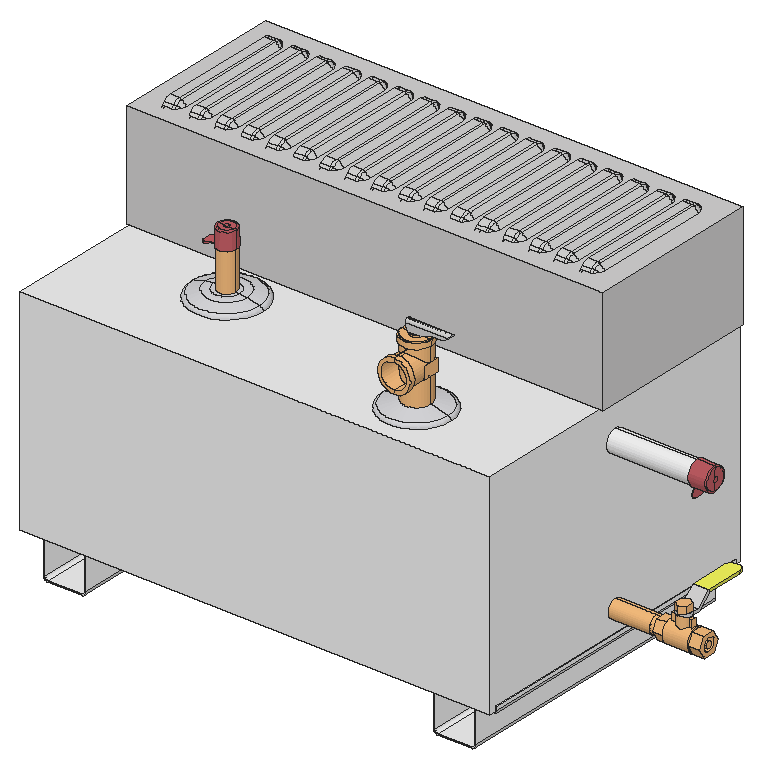
Revit family "Shower-Steam_Generator-KOHLER-Invigoration_Series-K-32329", category Plumbing Fixtures, host Face, Revit 2021 (continued)
Definition of nested family "K-32329"
  Lines and regions (in)
    Masking region 2
      outline origin (0, 0, 0) x (1, 0, 0) y (0, 0, 1)
        loop
          line (-8.96806, 4.8215) -> (-8.84613, 4.94343) -> (-8.84613, 5.37969) -> (-9.04298, 5.37969) -> (-9.04298, 5.68322)
          arc (-9.04298, 5.68322) -> (-9.02345, 5.78138) -> (-8.96785, 5.8646) r 0.25651
          line (-8.96785, 5.8646) -> (-8.84591, 5.98653) -> (-8.84591, 6.42279) -> (-9.04276, 6.42279) -> (-9.04276, 6.72632)
          arc (-9.04276, 6.72632) -> (-9.02324, 6.82448) -> (-8.96764, 6.90769) r 0.25651
          line (-8.96764, 6.90769) -> (-8.8457, 7.02963) -> (-8.8457, 7.46589) -> (-9.04255, 7.46589) -> (-9.04255, 7.76941)
          arc (-9.04255, 7.76941) -> (-9.02303, 7.86758) -> (-8.96742, 7.95079) r 0.25651
          line (-8.96742, 7.95079) -> (-8.84549, 8.07273) -> (-8.84549, 8.46199)
          arc (-8.84549, 8.46199) -> (-8.85054, 8.49091) -> (-8.85927, 8.51894) r 0.22767
          line (-8.85927, 8.51894) -> (-8.89475, 8.61134)
          arc (-8.89475, 8.61134) -> (-8.90291, 8.64358) -> (-8.90566, 8.67672) r 0.20122
          line (-8.90566, 8.67672) -> (-8.90566, 9.03915) -> (-8.90566, 9.33683) -> (-8.86622, 9.33683) -> (-8.86622, 9.48819)
          arc (-8.86622, 9.48819) -> (-8.84316, 9.54387) -> (-8.78748, 9.56693) r 0.07874
          arc (-8.78748, 9.56693) -> (-8.84316, 9.58999) -> (-8.86622, 9.64567) r 0.07874
          line (-8.86622, 9.64567) -> (-8.86622, 12.79703) -> (-8.90551, 12.79703) -> (-8.90551, 12.69562) -> (-8.9685, 12.69562) -> (-8.9685, 12.79013) -> (-9.22256, 12.79013) -> (-9.22256, 12.94788) -> (-8.9685, 12.94788) -> (-8.9685, 13.47515)
          arc (-8.9685, 13.47515) -> (-8.95005, 13.51969) -> (-8.90551, 13.53937) r 0.06299
          line (-8.90551, 13.53937) -> (-8.1811, 13.53937) -> (-8.1811, 13.73509) -> (-7.83239, 13.73509)
          arc (-7.83239, 13.73509) -> (-7.78719, 13.7261) -> (-7.74887, 13.7005) r 0.11811
          line (-7.74887, 13.7005) -> (-7.58775, 13.53937) -> (-7.19291, 13.53937) -> (-7.19291, 13.73509) -> (-6.8442, 13.73509)
          arc (-6.8442, 13.73509) -> (-6.799, 13.7261) -> (-6.76068, 13.7005) r 0.11811
          line (-6.76068, 13.7005) -> (-6.59956, 13.53937) -> (-6.21088, 13.53937) -> (-6.21088, 13.73509) -> (-5.86216, 13.73509)
          arc (-5.86216, 13.73509) -> (-5.81697, 13.7261) -> (-5.77865, 13.7005) r 0.11811
          line (-5.77865, 13.7005) -> (-5.61752, 13.53937) -> (-5.22576, 13.53937) -> (-5.22576, 13.73509) -> (-4.87705, 13.73509)
          arc (-4.87705, 13.73509) -> (-4.83185, 13.7261) -> (-4.79353, 13.7005) r 0.11811
          line (-4.79353, 13.7005) -> (-4.63241, 13.53937) -> (-4.24373, 13.53937) -> (-4.24373, 13.73509) -> (-3.89501, 13.73509)
          arc (-3.89501, 13.73509) -> (-3.84981, 13.7261) -> (-3.8115, 13.7005) r 0.11811
          line (-3.8115, 13.7005) -> (-3.65037, 13.53937) -> (-3.25554, 13.53937) -> (-3.25554, 13.73509) -> (-2.90682, 13.73509)
          arc (-2.90682, 13.73509) -> (-2.86163, 13.7261) -> (-2.82331, 13.7005) r 0.11811
          line (-2.82331, 13.7005) -> (-2.66218, 13.53937) -> (-2.27196, 13.53937) -> (-2.27196, 13.73509) -> (-1.92325, 13.73509)
          arc (-1.92325, 13.73509) -> (-1.87805, 13.7261) -> (-1.83973, 13.7005) r 0.11811
          line (-1.83973, 13.7005) -> (-1.6786, 13.53937) -> (-1.2849, 13.53937) -> (-1.2849, 13.73509) -> (-0.93619, 13.73509)
          arc (-0.93619, 13.73509) -> (-0.89099, 13.7261) -> (-0.85268, 13.7005) r 0.11811
          line (-0.85268, 13.7005) -> (-0.69155, 13.53937) -> (-0.30527, 13.53937) -> (-0.30527, 13.73509) -> (0.04345, 13.73509)
          arc (0.04345, 13.73509) -> (0.08864, 13.7261) -> (0.12696, 13.7005) r 0.11811
          line (0.12696, 13.7005) -> (0.28809, 13.53937) -> (0.68102, 13.53937) -> (0.68102, 13.73509) -> (1.02973, 13.73509)
          arc (1.02973, 13.73509) -> (1.07493, 13.7261) -> (1.11325, 13.7005) r 0.11811
          line (1.11325, 13.7005) -> (1.27438, 13.53937) -> (1.665, 13.53937) -> (1.665, 13.73509) -> (2.01372, 13.73509)
          arc (2.01372, 13.73509) -> (2.05891, 13.7261) -> (2.09723, 13.7005) r 0.11811
          line (2.09723, 13.7005) -> (2.25836, 13.53937) -> (2.64975, 13.53937) -> (2.64975, 13.73509) -> (2.99847, 13.73509)
          arc (2.99847, 13.73509) -> (3.04366, 13.7261) -> (3.08198, 13.7005) r 0.11811
          line (3.08198, 13.7005) -> (3.24311, 13.53937) -> (3.63374, 13.53937) -> (3.63374, 13.73509) -> (3.98245, 13.73509)
          arc (3.98245, 13.73509) -> (4.02765, 13.7261) -> (4.06596, 13.7005) r 0.11811
          line (4.06596, 13.7005) -> (4.22709, 13.53937) -> (4.61849, 13.53937) -> (4.61849, 13.73509) -> (4.9672, 13.73509)
          arc (4.9672, 13.73509) -> (5.0124, 13.7261) -> (5.05071, 13.7005) r 0.11811
          line (5.05071, 13.7005) -> (5.21184, 13.53937) -> (5.60324, 13.53937) -> (5.60324, 13.73509) -> (5.95195, 13.73509)
          arc (5.95195, 13.73509) -> (5.99715, 13.7261) -> (6.03546, 13.7005) r 0.11811
          line (6.03546, 13.7005) -> (6.19659, 13.53937) -> (6.58568, 13.53937) -> (6.58568, 13.73509) -> (6.93439, 13.73509)
          arc (6.93439, 13.73509) -> (6.97959, 13.7261) -> (7.01791, 13.7005) r 0.11811
          line (7.01791, 13.7005) -> (7.17904, 13.53937) -> (7.5712, 13.53937) -> (7.5712, 13.73509) -> (7.91991, 13.73509)
          arc (7.91991, 13.73509) -> (7.96511, 13.7261) -> (8.00343, 13.7005) r 0.11811
          line (8.00343, 13.7005) -> (8.16455, 13.53937) -> (8.90551, 13.53937)
          arc (8.90551, 13.53937) -> (8.95005, 13.52092) -> (8.9685, 13.47638) r 0.06299
          line (8.9685, 13.47638) -> (8.9685, 12.69562) -> (8.86614, 12.69562) -> (8.86614, 9.64567)
          arc (8.86614, 9.64567) -> (8.84308, 9.58999) -> (8.7874, 9.56693) r 0.07874
          arc (8.7874, 9.56693) -> (8.84308, 9.54387) -> (8.86614, 9.48819) r 0.07874
          line (8.86614, 9.48819) -> (8.86614, 9.33662) -> (8.90551, 9.33662) -> (8.90551, 8.63656) -> (11.91339, 8.63656) -> (11.9685, 8.63469) -> (11.9685, 8.67413) -> (12.59586, 8.65222)
          arc (12.59586, 8.65222) -> (12.62281, 8.64022) -> (12.63386, 8.61287) r 0.03937
          line (12.63386, 8.61287) -> (12.63386, 8.22441) -> (12.63386, 7.83595)
          arc (12.63386, 7.83595) -> (12.62281, 7.8086) -> (12.59586, 7.7966) r 0.03937
          line (12.59586, 7.7966) -> (12.00244, 7.77588) -> (12.00244, 7.4267) -> (11.9685, 7.4267) -> (11.9685, 7.77469) -> (11.9685, 7.81412) -> (11.91339, 7.81225) -> (8.86614, 7.81225) -> (8.86614, 2.89247) -> (10.43701, 2.89247) -> (10.61381, 2.88699) -> (10.61381, 2.9401) -> (10.98905, 2.9401) -> (10.98905, 2.98291) -> (11.08211, 2.98204) -> (11.08211, 3.25783) -> (11.20932, 3.25783) -> (11.20932, 3.30684) -> (11.15807, 3.30684) -> (11.15807, 3.40685) -> (11.15807, 3.8346) -> (11.75843, 3.8346) -> (11.75843, 3.40685) -> (11.75843, 3.30684) -> (11.70719, 3.30684) -> (11.70719, 3.25783) -> (11.8344, 3.25783) -> (11.8344, 2.98204) -> (11.92745, 2.98291) -> (11.92745, 2.9401) -> (12.39272, 2.9401) -> (12.39272, 2.55906) -> (12.39272, 2.17801) -> (11.92745, 2.17801) -> (11.92745, 2.13128) -> (10.98905, 2.13128) -> (10.98905, 2.176) -> (10.61353, 2.176) -> (10.61353, 2.22922) -> (10.43701, 2.22318) -> (8.86614, 2.22318) -> (8.86614, 1.54208)
          arc (8.86614, 1.54208) -> (8.87773, 1.55597) -> (8.88189, 1.57357) r 0.03937
          line (8.88189, 1.57357) -> (8.88189, 1.73105) -> (8.92126, 1.73105) -> (8.92126, 1.57357)
          arc (8.92126, 1.57357) -> (8.8982, 1.5179) -> (8.84252, 1.49483) r 0.07874
          line (8.84252, 1.49483) -> (8.24803, 1.49483)
          arc (8.24803, 1.49483) -> (8.16451, 1.46024) -> (8.12992, 1.37672) r 0.11811
          line (8.12992, 1.37672) -> (8.12992, 0.15748)
          arc (8.12992, 0.15748) -> (8.0838, 0.04612) -> (7.97244, 0) r 0.15748
          line (7.97244, 0) -> (6.70472, 0)
          arc (6.70472, 0) -> (6.59337, 0.04612) -> (6.54724, 0.15748) r 0.15748
          line (6.54724, 0.15748) -> (6.54724, 1.37672)
          arc (6.54724, 1.37672) -> (6.51265, 1.46024) -> (6.42913, 1.49483) r 0.11811
          line (6.42913, 1.49483) -> (6.0748, 1.49483) -> (6.0748, 1.5342) -> (-6.0748, 1.5342) -> (-6.0748, 1.49483) -> (-6.42913, 1.49483)
          arc (-6.42913, 1.49483) -> (-6.51265, 1.46024) -> (-6.54724, 1.37672) r 0.11811
          line (-6.54724, 1.37672) -> (-6.54724, 0.15748)
          arc (-6.54724, 0.15748) -> (-6.59337, 0.04612) -> (-6.70472, 0) r 0.15748
          line (-6.70472, 0) -> (-7.97244, 0)
          arc (-7.97244, 0) -> (-8.0838, 0.04612) -> (-8.12992, 0.15748) r 0.15748
          line (-8.12992, 0.15748) -> (-8.12992, 1.37672)
          arc (-8.12992, 1.37672) -> (-8.16451, 1.46024) -> (-8.24803, 1.49483) r 0.11811
          line (-8.24803, 1.49483) -> (-8.84252, 1.49483)
          arc (-8.84252, 1.49483) -> (-8.8982, 1.5179) -> (-8.92126, 1.57357) r 0.07874
          line (-8.92126, 1.57357) -> (-8.92126, 1.73105) -> (-8.88189, 1.73105) -> (-8.88189, 1.57357)
          arc (-8.88189, 1.57357) -> (-8.87036, 1.54573) -> (-8.84252, 1.5342) r 0.03937
        loop
          line (8.24803, 1.5342) -> (6.42913, 1.5342)
          arc (6.42913, 1.5342) -> (6.54049, 1.48808) -> (6.58661, 1.37672) r 0.15748
          line (6.58661, 1.37672) -> (6.58661, 0.15625)
          arc (6.58661, 0.15625) -> (6.62121, 0.07273) -> (6.70472, 0.03814) r 0.11811
          line (6.70472, 0.03814) -> (7.97244, 0.03814)
          arc (7.97244, 0.03814) -> (8.05596, 0.07273) -> (8.09055, 0.15625) r 0.11811
          line (8.09055, 0.15625) -> (8.09055, 1.37672)
          arc (8.09055, 1.37672) -> (8.13668, 1.48808) -> (8.24803, 1.5342) r 0.15748
        loop
          arc (-8.24803, 1.5342) -> (-8.13668, 1.48808) -> (-8.09055, 1.37672) r 0.15748
          line (-8.09055, 1.37672) -> (-8.09055, 0.15625)
          arc (-8.09055, 0.15625) -> (-8.05596, 0.07273) -> (-7.97244, 0.03814) r 0.11811
          line (-7.97244, 0.03814) -> (-6.70472, 0.03814)
          arc (-6.70472, 0.03814) -> (-6.62121, 0.07273) -> (-6.58661, 0.15625) r 0.11811
          line (-6.58661, 0.15625) -> (-6.58661, 1.37672)
          arc (-6.58661, 1.37672) -> (-6.54049, 1.48808) -> (-6.42913, 1.5342) r 0.15748
          line (-6.42913, 1.5342) -> (-8.24803, 1.5342)
    Masking region 3
      outline origin (0, 0, 0) x (1, 0, 0) y (0, 1, 0)
        loop
          line (-8.9685, 5.86811) -> (-8.9685, 5.75009) -> (-9.22301, 5.75009) -> (-9.22301, 5.59248) -> (-8.9685, 5.59248) -> (-8.9685, 5.11323)
          arc (-8.9685, 5.11323) -> (-9.02383, 5.03327) -> (-9.04331, 4.93801) r 0.2426
          line (-9.04331, 4.93801) -> (-9.04331, 3.13637)
          arc (-9.04331, 3.13637) -> (-9.02379, 3.04283) -> (-8.9685, 2.9649) r 0.23393
          line (-8.9685, 2.9649) -> (-8.9685, -0.70669) -> (-8.92126, -0.70669) -> (-8.92126, -2.93435) -> (-8.97074, -2.98383)
          arc (-8.97074, -2.98383) -> (-9.02445, -3.06421) -> (-9.04331, -3.15903) r 0.24776
          line (-9.04331, -3.15903) -> (-9.04331, -4.95923)
          arc (-9.04331, -4.95923) -> (-9.02533, -5.04963) -> (-8.97412, -5.12626) r 0.23622
          line (-8.97412, -5.12626) -> (-8.92126, -5.17912) -> (-8.92126, -5.63974) -> (-8.86618, -5.63974) -> (-8.86618, -5.86811) -> (8.92126, -5.86811) -> (8.92126, -0.70667) -> (8.9685, -0.70667) -> (8.9685, -0.42325) -> (10.61417, -0.42325) -> (10.61417, -0.45402) -> (10.98889, -0.45402) -> (10.98889, -0.42325) -> (11.96844, -0.42325) -> (11.96844, -0.45992) -> (12.59586, -0.43801)
          arc (12.59586, -0.43801) -> (12.62281, -0.42601) -> (12.63386, -0.39866) r 0.03937
          line (12.63386, -0.39866) -> (12.63386, -0.00984) -> (12.63386, 0.37898)
          arc (12.63386, 0.37898) -> (12.62281, 0.40633) -> (12.59586, 0.41832) r 0.03937
          line (12.59586, 0.41832) -> (11.96844, 0.44023) -> (11.96844, 0.40357) -> (11.758, 0.40357) -> (11.758, 2.23515)
          arc (11.758, 2.23515) -> (11.45813, 2.53502) -> (11.15826, 2.23515) r 0.29987
          line (11.15826, 2.23515) -> (11.15826, 0.40357) -> (10.98889, 0.40357) -> (10.98889, 0.43433) -> (10.61417, 0.43433) -> (10.61417, 0.40357) -> (8.9685, 0.40357) -> (8.9685, 5.86811) -> (-8.9685, 5.86811)
    symbolic lines, detail levels medium+fine
      curve 1: line (0, -3.92137, 12.11615) -> (0, -3.95316, 12.11615)
      curve 2: line (0, -3.92137, 12.11615) -> (0, -3.92137, 12.38217)
      curve 3: line (0, -4.09019, 12.11615) -> (0, -4.09019, 12.38217)
      curve 4: line (0, -3.95316, 12.11615) -> (0, -4.0584, 12.11615)
      curve 5: line (0, -3.95316, 12.11615) -> (0, -3.95316, 12.23592)
      curve 6: line (0, -4.0584, 12.11615) -> (0, -4.0584, 12.23592)
      curve 7: line (0, -4.0584, 12.11615) -> (0, -4.09019, 12.11615)
      curve 8: arc (0, -3.93239, 12.33255) -> (0, -4.00578, 12.38027) -> (0, -4.07918, 12.33255) r 0.0803
      curve 9: arc (0, -4.0584, 12.23592) -> (0, -4.04859, 12.28858) -> (0, -4.07918, 12.33255) r 0.06945
      curve 10: arc (0, -3.95316, 12.23592) -> (0, -3.96297, 12.28857) -> (0, -3.93239, 12.33255) r 0.06945
      curve 11: line (0, 5.62992, 1.53543) -> (0, -5.63976, 1.53543)
      curve 12: line (0, 5.62992, 1.49483) -> (0, -5.63976, 1.49483)
      curve 13: arc (0, 5.76971, 12.86885) -> (0, 5.67128, 12.77042) -> (0, 5.57286, 12.86885) r 0.09843
      curve 14: arc (0, 5.57286, 12.86885) -> (0, 5.67128, 12.96727) -> (0, 5.76971, 12.86885) r 0.09843
      curve 15: arc (0, 5.75002, 12.86885) -> (0, 5.67128, 12.94759) -> (0, 5.59254, 12.86885) r 0.07874
      curve 16: arc (0, 5.59254, 12.86885) -> (0, 5.67128, 12.79011) -> (0, 5.75002, 12.86885) r 0.07874
      curve 17: line (0, -5.26279, 9.56693) -> (0, -1.04434, 9.56693)
      curve 18: arc (0, -2.85366, 9.70264) -> (0, -3.00272, 9.74952) -> (0, -3.1535, 9.79048) r 3.96332
      curve 19: arc (0, -2.74899, 9.56693) -> (0, -2.78073, 9.65067) -> (0, -2.85366, 9.70264) r 0.15416
      curve 20: line (0, -4.53708, 9.85827) -> (0, -3.47464, 9.85768)
      curve 21: line (0, -5.16334, 9.69925) -> (0, -2.85366, 9.70264)
      curve 22: line (0, -2.67757, 9.86102) -> (0, -2.00784, 9.86102)
      curve 23: line (0, -1.11089, 9.68361) -> (0, -2.85366, 9.70264)
      curve 24: line (0, -3.69162, 11.29819) -> (0, -4.32094, 11.29819)
      curve 25: line (0, -4.32094, 11.29819) -> (0, -4.32094, 10.84562)
      curve 26: line (0, -4.32094, 10.84562) -> (0, -3.69162, 10.84562)
      curve 27: line (0, -3.69162, 10.84562) -> (0, -3.69162, 11.29819)
      curve 28: arc (0, -4.53708, 11.67202) -> (0, -4.36978, 11.52003) -> (0, -4.19106, 11.38167) r 2.87177
      curve 29: arc (0, -4.19106, 11.38167) -> (0, -4.10275, 11.33089) -> (0, -4.00628, 11.29819) r 0.52302
      curve 30: arc (0, -4.53708, 10.5327) -> (0, -4.41963, 10.63853) -> (0, -4.299, 10.74071) r 5.1795
      curve 31: arc (0, -4.299, 10.74071) -> (0, -4.2257, 10.79617) -> (0, -4.14821, 10.84562) r 1.15289
      curve 32: line (0, -4.87186, 11.67202) -> (0, -4.87186, 10.5327)
      curve 33: line (0, -4.53708, 11.84909) -> (0, -3.47464, 11.84909)
      curve 34: line (0, -4.53743, 12.04594) -> (0, -3.47428, 12.04594)
      curve 35: line (0, -4.24209, 12.0854) -> (0, -3.76962, 12.0854)
      curve 36: line (0, -4.12396, 12.11615) -> (0, -4.09019, 12.11615)
      curve 37: line (0, -3.92137, 12.11615) -> (0, -3.88776, 12.11615)
      curve 38: arc (0, -4.09019, 12.38217) -> (0, -4.00578, 12.46658) -> (0, -3.92137, 12.38217) r 0.08441
      curve 39: line (0, -2.67757, 11.31999) -> (0, -2.00784, 11.31999)
      curve 40: line (0, -2.6932, 11.94186) -> (0, -1.99221, 11.94186)
      curve 41: line (0, -0.27308, 3.65714) -> (0, 0.25261, 3.65714)
      curve 42: line (0, 0.25261, 3.65714) -> (0, 0.25261, 3.40693)
      curve 43: line (0, 0.25261, 3.40693) -> (0, 0.30593, 3.40693)
      curve 44: line (0, 0.30593, 3.40693) -> (0, 0.80959, 3.83434)
      curve 45: line (0, 0.80959, 3.83434) -> (0, 2.53801, 3.83434)
      curve 46: line (0, 2.53801, 3.83434) -> (0, 2.53801, 3.73467)
      curve 47: line (0, 2.53801, 3.73467) -> (0, 0.84662, 3.73467)
      curve 48: line (0, 0.84662, 3.73467) -> (0, 0.34247, 3.30685)
      curve 49: line (0, 0.23874, 3.30685) -> (0, 0.34247, 3.30685)
      curve 50: line (0, 0.23874, 3.30685) -> (0, 0.23874, 2.899)
      curve 51: arc (0, 0.17718, 2.93638) -> (0, -0.00984, 2.98019) -> (0, -0.19686, 2.93638) r 0.42113
      curve 52: line (0, -0.22769, 2.93638) -> (0, -0.24311, 2.90969)
      curve 53: line (0, -0.44554, 2.55906) -> (0, -0.43013, 2.53236)
      curve 54: line (0, -0.22769, 2.18173) -> (0, -0.19686, 2.18173)
      curve 55: line (0, 0.20801, 2.18173) -> (0, 0.22342, 2.20843)
      curve 56: line (0, 0.42586, 2.55906) -> (0, 0.41044, 2.58575)
      curve 57: line (0, 0.20801, 2.93638) -> (0, 0.17718, 2.93638)
      curve 58: line (0, 0.17718, 2.93638) -> (0, -0.19686, 2.93638)
      curve 59: line (0, 0.22342, 2.90969) -> (0, 0.20801, 2.93638)
      curve 60: line (0, 0.41044, 2.58575) -> (0, 0.22342, 2.90969)
      curve 61: arc (0, 0.41044, 2.58575) -> (0, 0.35487, 2.76962) -> (0, 0.22342, 2.90969) r 0.42113
      curve 62: line (0, 0.41044, 2.53236) -> (0, 0.42586, 2.55906)
      curve 63: line (0, 0.22342, 2.20843) -> (0, 0.41044, 2.53236)
      curve 64: arc (0, 0.22342, 2.20843) -> (0, 0.31935, 2.29641) -> (0, 0.38384, 2.40948) r 0.42113
      curve 65: line (0, 0.17718, 2.18173) -> (0, 0.20801, 2.18173)
      curve 66: line (0, -0.19686, 2.18173) -> (0, 0.17718, 2.18173)
      curve 67: arc (0, -0.19686, 2.18173) -> (0, -0.00984, 2.13792) -> (0, 0.17718, 2.18173) r 0.42113
      curve 68: line (0, -0.24311, 2.20843) -> (0, -0.22769, 2.18173)
      curve 69: line (0, -0.43013, 2.53236) -> (0, -0.24311, 2.20843)
      curve 70: arc (0, -0.43013, 2.53236) -> (0, -0.42144, 2.46992) -> (0, -0.40352, 2.40948) r 0.42113
      curve 71: line (0, -0.43013, 2.58575) -> (0, -0.44554, 2.55906)
      curve 72: line (0, -0.24311, 2.90969) -> (0, -0.43013, 2.58575)
      curve 73: arc (0, -0.24311, 2.90969) -> (0, -0.37456, 2.76962) -> (0, -0.43013, 2.58575) r 0.42113
      curve 74: line (0, -0.19686, 2.93638) -> (0, -0.22769, 2.93638)
      curve 75: circle (0, -0.00984, 2.55906) r 0.29715 normal (1, 0, 0)
      curve 76: circle (0, -0.00984, 2.55906) r 0.25074 normal (1, 0, 0)
      curve 77: line (0, -0.40352, 1.73105) -> (0, -0.40352, 2.40948)
      curve 78: arc (0, -0.40352, 2.40948) -> (0, -0.33904, 2.29641) -> (0, -0.24311, 2.20843) r 0.42113
      curve 79: line (0, 0.38384, 1.73105) -> (0, 0.38384, 2.40948)
      curve 80: arc (0, 0.38384, 2.40948) -> (0, 0.40175, 2.46992) -> (0, 0.41044, 2.53236) r 0.42113
      curve 81: line (0, -5.63976, 1.73105) -> (0, -5.63976, 1.53543)
      curve 82: line (0, -5.63976, 1.73105) -> (0, 5.62992, 1.73105)
      curve 83: line (0, 5.62992, 1.73105) -> (0, 5.62992, 1.53543)
      curve 84: circle (0, 2.57772, 10.82159) r 0.86614 normal (1, 0, 0)
      curve 85: line (0, -0.50195, 9.33662) -> (0, -5.86811, 9.33662)
      curve 86: line (0, -0.50195, 9.33662) -> (0, -0.50195, 7.99498)
      curve 87: arc (0, 0.48231, 7.99498) -> (0, 0.41647, 7.74908) -> (0, 0.23657, 7.56898) r 0.49213
      curve 88: line (0, 0.48231, 7.99498) -> (0, 0.48231, 9.33662)
      curve 89: line (0, 5.86811, 9.33662) -> (0, 0.48231, 9.33662)
      curve 90: circle (0, -0.00984, 8.22441) r 0.44757 normal (1, 0, 0)
      curve 91: circle (0, -0.00984, 8.22441) r 0.38747 normal (1, 0, 0)
      curve 92: arc (0, -0.25651, 7.56915) -> (0, -0.43619, 7.74923) -> (0, -0.50195, 7.99498) r 0.49213
      curve 93: line (0, -0.00984, 7.42676) -> (0, -0.11094, 7.42676)
      curve 94: line (0, -0.00984, 7.42676) -> (0, 0.09126, 7.42676)
      curve 95: arc (0, -0.11094, 7.42676) -> (0, -0.21276, 7.46828) -> (0, -0.25651, 7.56915) r 0.14561
      curve 96: arc (0, 0.09126, 7.42676) -> (0, 0.19292, 7.46823) -> (0, 0.23657, 7.56898) r 0.14535
      curve 97: line (0, -0.16101, 7.80315) -> (0, -0.16101, 7.72243)
      curve 98: arc (0, -0.25651, 7.56915) -> (0, -0.25203, 7.62152) -> (0, -0.22808, 7.6683) r 0.13645
      curve 99: arc (0, -0.22808, 7.6683) -> (0, -0.1976, 7.69915) -> (0, -0.16101, 7.72243) r 0.19323
      curve 100: arc (0, 0.23683, 7.56915) -> (0, 0.23234, 7.62152) -> (0, 0.20839, 7.6683) r 0.13645
      curve 101: arc (0, 0.20839, 7.6683) -> (0, 0.17792, 7.69915) -> (0, 0.14133, 7.72243) r 0.19323
      curve 102: line (0, -0.16432, 7.64845) -> (0, 0.14383, 7.64845)
      curve 103: line (0, 0.14383, 7.60112) -> (0, -0.16432, 7.60112)
      curve 104: arc (0, -0.16432, 7.60112) -> (0, -0.18798, 7.62479) -> (0, -0.16432, 7.64845) r 0.02366
      curve 105: arc (0, 0.14383, 7.64845) -> (0, 0.16749, 7.62479) -> (0, 0.14383, 7.60112) r 0.02366
      curve 106: line (0, -0.16432, 7.55776) -> (0, 0.14383, 7.55776)
      curve 107: line (0, 0.14383, 7.51044) -> (0, -0.16432, 7.51044)
      curve 108: arc (0, -0.16432, 7.51044) -> (0, -0.18798, 7.5341) -> (0, -0.16432, 7.55776) r 0.02366
      curve 109: arc (0, 0.14383, 7.55776) -> (0, 0.16749, 7.5341) -> (0, 0.14383, 7.51044) r 0.02366
      curve 110: arc (0, 5.43309, 9.05389) -> (0, 5.50199, 9.12279) -> (0, 5.57089, 9.05389) r 0.0689
      curve 111: arc (0, 5.57089, 9.05389) -> (0, 5.50199, 8.98499) -> (0, 5.43309, 9.05389) r 0.0689
      curve 112: arc (0, 5.60042, 9.05389) -> (0, 5.50199, 9.15231) -> (0, 5.40357, 9.05389) r 0.09843
      curve 113: arc (0, 5.40357, 9.05389) -> (0, 5.50199, 8.95546) -> (0, 5.60042, 9.05389) r 0.09843
      curve 114: arc (0, -5.42321, 9.05389) -> (0, -5.52163, 9.15231) -> (0, -5.62006, 9.05389) r 0.09843
      curve 115: arc (0, -5.62006, 9.05389) -> (0, -5.52163, 8.95546) -> (0, -5.42321, 9.05389) r 0.09843
      curve 116: arc (0, -5.59053, 9.05389) -> (0, -5.52163, 8.98499) -> (0, -5.45273, 9.05389) r 0.0689
      curve 117: arc (0, -5.45273, 9.05389) -> (0, -5.52163, 9.12279) -> (0, -5.59053, 9.05389) r 0.0689
      curve 118: line (0, -0.27308, 3.65714) -> (0, -0.27308, 3.40693)
      curve 119: line (0, -0.2592, 3.30685) -> (0, -0.2592, 2.89843)
      curve 120: line (0, -0.27308, 3.40693) -> (0, -0.22793, 3.40693)
      curve 121: line (0, -0.22793, 3.40693) -> (0, -0.22793, 3.30685)
      curve 122: line (0, -0.2592, 3.30685) -> (0, -0.22793, 3.30685)
      curve 123: line (0, -0.22793, 3.40693) -> (0, 0.25261, 3.40693)
      curve 124: line (0, -0.22793, 3.30685) -> (0, 0.23874, 3.30685)
      curve 125: line (0, 2.23618, 3.83434) -> (0, 2.23618, 3.73467)
      curve 126: line (0, -0.59307, 9.56693) -> (0, 5.86811, 9.56693)
      curve 127: line (0, -0.64368, 9.62869) -> (0, 5.86811, 9.62869)
      curve 128: line (11.9685, 0, 7.77469) -> (12.00244, 0, 7.77588)
      curve 129: line (11.9685, 0, 8.63469) -> (11.9685, 0, 7.81412)
      curve 130: line (11.15807, 0, 3.40685) -> (11.22757, 0, 3.40685)
      curve 131: line (11.75843, 0, 3.40685) -> (11.6886, 0, 3.40685)
      curve 132: line (11.22757, 0, 3.65737) -> (11.6886, 0, 3.65737)
      curve 133: line (11.22757, 0, 3.40685) -> (11.22757, 0, 3.65737)
      curve 134: line (11.6886, 0, 3.40685) -> (11.22757, 0, 3.40685)
      curve 135: line (11.6886, 0, 3.65737) -> (11.6886, 0, 3.40685)
      curve 136: line (11.46365, 0, 3.65737) -> (11.46365, 0, 3.40685)
      curve 137: line (11.20932, 0, 3.30684) -> (11.70719, 0, 3.30684)
      curve 138: line (11.70719, 0, 3.25783) -> (11.67429, 0, 3.25783)
      curve 139: line (11.67429, 0, 3.25783) -> (11.67429, 0, 2.9521)
      curve 140: line (11.20932, 0, 3.25783) -> (11.24222, 0, 3.25783)
      curve 141: line (11.24222, 0, 3.25783) -> (11.24222, 0, 2.96143)
      curve 142: arc (11.24222, 0, 2.96143) -> (11.45687, 0, 2.89256) -> (11.67429, 0, 2.9521) r 0.39565
      curve 143: line (11.24222, 0, 2.96143) -> (11.08211, 0, 2.98204)
      curve 144: line (11.67429, 0, 2.9521) -> (11.8344, 0, 2.98204)
      curve 145: line (6.42913, 0, 1.5342) -> (6.0748, 0, 1.5342)
      curve 146: line (8.24803, 0, 1.5342) -> (8.84646, 0, 1.5342)
      curve 147: line (-6.42913, 0, 1.5342) -> (-6.0748, 0, 1.5342)
      curve 148: line (-8.24803, 0, 1.5342) -> (-8.84676, 0, 1.5342)
      curve 149: line (-8.1811, 0, 13.53937) -> (-7.58775, 0, 13.53937)
      curve 150: line (-7.19291, 0, 13.53937) -> (-6.59956, 0, 13.53937)
      curve 151: line (-6.21088, 0, 13.53937) -> (-5.61752, 0, 13.53937)
      curve 152: line (-5.22576, 0, 13.53937) -> (-4.63241, 0, 13.53937)
      curve 153: line (-4.24373, 0, 13.53937) -> (-3.65037, 0, 13.53937)
      curve 154: line (-3.25554, 0, 13.53937) -> (-2.66218, 0, 13.53937)
      curve 155: line (-2.27196, 0, 13.53937) -> (-1.6786, 0, 13.53937)
      curve 156: line (-1.2849, 0, 13.53937) -> (-0.69155, 0, 13.53937)
      curve 157: line (-0.30527, 0, 13.53937) -> (0.28809, 0, 13.53937)
      curve 158: line (0.68102, 0, 13.53937) -> (1.27438, 0, 13.53937)
      curve 159: line (1.665, 0, 13.53937) -> (2.25836, 0, 13.53937)
      curve 160: line (2.64975, 0, 13.53937) -> (3.24311, 0, 13.53937)
      curve 161: line (3.63374, 0, 13.53937) -> (4.22709, 0, 13.53937)
      curve 162: line (4.61849, 0, 13.53937) -> (5.21184, 0, 13.53937)
      curve 163: line (5.60324, 0, 13.53937) -> (6.19659, 0, 13.53937)
      curve 164: line (6.58568, 0, 13.53937) -> (7.17904, 0, 13.53937)
      curve 165: line (7.5712, 0, 13.53937) -> (8.16455, 0, 13.53937)
      curve 166: arc (-5.17077, 0, 9.6993) -> (-4.8561, 0, 9.79049) -> (-4.53546, 0, 9.8577) r 4.34168
      curve 167: line (-4.24321, 0, 9.86206) -> (-4.45119, 0, 9.86206)
      curve 168: line (-8.9685, 0, 12.94788) -> (-8.9685, 0, 12.79013)
      curve 169: line (-8.90551, 0, 12.79703) -> (-8.90551, 0, 13.47515)
      curve 170: line (8.7874, 0, 13.47515) -> (-8.90551, 0, 13.47515)
      curve 171: line (8.7874, 0, 9.56693) -> (-8.37711, 0, 9.56693)
      curve 172: line (8.90551, 0, 8.63656) -> (8.86614, 0, 8.53069)
      curve 173: line (8.86614, 0, 9.33662) -> (8.86614, 0, 8.66907)
      curve 174: arc (8.85862, 0, 8.6276) -> (8.86425, 0, 8.648) -> (8.86614, 0, 8.66907) r 0.11811
      curve 175: line (8.85862, 0, 8.6276) -> (8.81711, 0, 8.5169)
      curve 176: arc (8.80855, 0, 8.48302) -> (8.81189, 0, 8.5002) -> (8.81711, 0, 8.5169) r 0.15748
      curve 177: line (8.86614, 0, 8.66907) -> (8.7874, 0, 8.66907)
      curve 178: line (8.7874, 0, 9.56693) -> (8.7874, 0, 8.66907)
      curve 179: line (8.7874, 0, 9.56693) -> (8.7874, 0, 13.47515)
      curve 180: arc (3.39933, 0, 9.70265) -> (3.70837, 0, 9.79387) -> (4.02405, 0, 9.85852) r 3.79209
      curve 181: arc (4.02405, 0, 9.85852) -> (4.03943, 0, 9.86037) -> (4.05491, 0, 9.86098) r 0.19356
      curve 182: line (4.05491, 0, 9.86098) -> (4.05491, 0, 10.80096)
      curve 183: arc (4.05491, 0, 10.80096) -> (4.04103, 0, 10.82211) -> (4.02965, 0, 10.84471) r 0.22212
      curve 184: arc (4.02965, 0, 10.84471) -> (3.98858, 0, 10.9708) -> (3.972, 0, 11.10236) r 0.70082
      curve 185: arc (3.972, 0, 11.10236) -> (3.99001, 0, 11.25524) -> (4.05182, 0, 11.39622) r 0.5222
      curve 186: line (4.05182, 0, 11.39622) -> (4.05495, 0, 11.84899)
      curve 187: line (4.05495, 0, 11.84899) -> (4.01148, 0, 11.84899)
      curve 188: line (4.01148, 0, 11.84899) -> (4.01148, 0, 12.04585)
      curve 189: line (4.01148, 0, 12.04585) -> (4.05501, 0, 12.04585)
      curve 190: line (4.05501, 0, 12.04585) -> (4.05501, 0, 12.08544)
      curve 191: line (4.05501, 0, 12.08544) -> (4.34625, 0, 12.08544)
      curve 192: line (4.34625, 0, 12.08544) -> (4.34625, 0, 12.11619)
      curve 193: line (4.26758, 0, 12.49885) -> (4.29264, 0, 12.24879)
      curve 194: arc (4.29264, 0, 12.24879) -> (4.30995, 0, 12.17865) -> (4.34625, 0, 12.11619) r 0.25492
      curve 195: line (5.11349, 0, 9.86098) -> (5.11349, 0, 10.80096)
      curve 196: arc (5.11349, 0, 10.80096) -> (5.12737, 0, 10.82211) -> (5.13875, 0, 10.84471) r 0.22212
      curve 197: arc (5.13875, 0, 10.84471) -> (5.17982, 0, 10.9708) -> (5.1964, 0, 11.10236) r 0.70082
      curve 198: arc (5.1964, 0, 11.10236) -> (5.17839, 0, 11.25524) -> (5.11658, 0, 11.39622) r 0.5222
      curve 199: line (5.11658, 0, 11.39622) -> (5.11345, 0, 11.84899)
      curve 200: line (5.11345, 0, 11.84899) -> (5.15692, 0, 11.84899)
      curve 201: line (5.15692, 0, 11.84899) -> (5.15692, 0, 12.04585)
      curve 202: line (5.15692, 0, 12.04585) -> (5.11339, 0, 12.04585)
      curve 203: line (5.11339, 0, 12.04585) -> (5.11339, 0, 12.08544)
      curve 204: line (5.11339, 0, 12.08544) -> (4.8506, 0, 12.08544)
      curve 205: line (4.8506, 0, 12.08544) -> (4.8506, 0, 12.11619)
      curve 206: arc (4.8506, 0, 12.11619) -> (5.00044, 0, 12.17857) -> (5.15692, 0, 12.22167) r 1.29184
      curve 207: arc (5.15692, 0, 12.22167) -> (5.34784, 0, 12.25166) -> (5.54081, 0, 12.26241) r 1.93032
      curve 208: arc (5.54081, 0, 12.26241) -> (5.71076, 0, 12.29322) -> (5.86005, 0, 12.38009) r 0.49939
      curve 209: arc (5.86005, 0, 12.38009) -> (5.90913, 0, 12.43402) -> (5.9425, 0, 12.49885) r 0.27795
      curve 210: line (4.26758, 0, 12.49885) -> (5.9425, 0, 12.49885)
      curve 211: line (5.86005, 0, 12.38009) -> (4.27948, 0, 12.38009)
      curve 212: circle (4.58235, 0, 12.28254) r 0.04971 normal (0, -1, 0)
      curve 213: arc (4.11094, 0, 11.30424) -> (4.07079, 0, 11.10236) -> (4.11094, 0, 10.90049) r 0.52764
      curve 214: line (4.05491, 0, 9.86098) -> (5.11349, 0, 9.86098)
      curve 215: arc (5.11349, 0, 9.86098) -> (5.42779, 0, 9.78892) -> (5.73251, 0, 9.68348) r 2.99461
      curve 216: arc (5.73251, 0, 9.68348) -> (5.75977, 0, 9.66788) -> (5.78197, 0, 9.64567) r 0.11852
      curve 217: arc (3.29004, 0, 9.56693) -> (3.32505, 0, 9.6506) -> (3.39933, 0, 9.70265) r 0.16314
      curve 218: line (3.39933, 0, 9.70265) -> (5.73251, 0, 9.68348)
      curve 219: arc (4.05182, 0, 11.39622) -> (4.5842, 0, 11.71727) -> (5.11658, 0, 11.39622) r 0.60193
      curve 220: arc (4.05491, 0, 10.80096) -> (4.5842, 0, 10.48652) -> (5.11349, 0, 10.80096) r 0.6027
      curve 221: line (4.11094, 0, 11.30424) -> (4.11094, 0, 10.90049)
      curve 222: arc (4.11094, 0, 10.90049) -> (4.59843, 0, 10.57473) -> (5.08591, 0, 10.90049) r 0.52764
      curve 223: line (5.08591, 0, 11.30424) -> (5.08591, 0, 10.90049)
      curve 224: arc (5.08591, 0, 11.30424) -> (4.59843, 0, 11.63) -> (4.11094, 0, 11.30424) r 0.52764
      curve 225: arc (5.08591, 0, 10.90049) -> (5.12606, 0, 11.10236) -> (5.08591, 0, 11.30424) r 0.52764
      curve 226: arc (-4.53546, 0, 9.8577) -> (-4.49345, 0, 9.86235) -> (-4.45119, 0, 9.86206) r 0.36109
      curve 227: arc (-5.27694, 0, 9.56693) -> (-5.26799, 0, 9.60546) -> (-5.24964, 0, 9.6405) r 0.15602
      curve 228: line (-4.24321, 0, 9.86206) -> (-4.24321, 0, 11.31952)
      curve 229: line (-4.24321, 0, 11.31952) -> (-4.6619, 0, 11.31952)
      curve 230: line (-4.6619, 0, 11.31952) -> (-4.6619, 0, 11.35025)
      curve 231: line (-4.6619, 0, 11.35025) -> (-4.27772, 0, 11.35025)
      curve 232: line (-4.27772, 0, 11.35025) -> (-4.25687, 0, 11.94739)
      curve 233: line (-4.21753, 0, 11.98538) -> (-3.60664, 0, 11.98538)
      curve 234: arc (-4.25687, 0, 11.94739) -> (-4.24487, 0, 11.97433) -> (-4.21753, 0, 11.98538) r 0.03937
      curve 235: line (-3.58096, 0, 9.86206) -> (-3.58096, 0, 11.31952)
      curve 236: line (-3.54537, 0, 11.31952) -> (-3.56729, 0, 11.94739)
      curve 237: arc (-3.56729, 0, 11.94739) -> (-3.57929, 0, 11.97433) -> (-3.60664, 0, 11.98538) r 0.03937
      curve 238: line (-3.58096, 0, 9.86206) -> (-3.52593, 0, 9.86206)
      curve 239: arc (-3.47369, 0, 9.85716) -> (-3.15409, 0, 9.78884) -> (-2.84055, 0, 9.69662) r 4.33084
      curve 240: arc (-3.52593, 0, 9.86206) -> (-3.4997, 0, 9.86083) -> (-3.47369, 0, 9.85716) r 0.28048
      curve 241: arc (-2.84055, 0, 9.69662) -> (-2.80018, 0, 9.67475) -> (-2.7696, 0, 9.6405) r 0.13357
      curve 242: line (-5.17077, 0, 9.6993) -> (-2.84055, 0, 9.69662)
      curve 243: line (-4.24321, 0, 9.86206) -> (-3.58096, 0, 9.86206)
      curve 244: line (-4.24321, 0, 11.31952) -> (-3.54537, 0, 11.31952)
      curve 245: line (-4.25687, 0, 11.94739) -> (-3.56729, 0, 11.94739)
      curve 246: line (-4.27772, 0, 11.35025) -> (-4.24321, 0, 11.35025)
      curve 247: line (-4.24321, 0, 11.31952) -> (-4.24321, 0, 11.35025)
      curve 248: line (-4.24321, 0, 11.35025) -> (-4.21192, 0, 11.94739)
      curve 249: arc (-4.21192, 0, 11.94739) -> (-4.20452, 0, 11.96981) -> (-4.18676, 0, 11.98538) r 0.04489
      curve 250: arc (8.38583, 0, 2.26255) -> (8.2874, 0, 2.16412) -> (8.18898, 0, 2.26255) r 0.09843
      curve 251: arc (8.18898, 0, 2.26255) -> (8.2874, 0, 2.36097) -> (8.38583, 0, 2.26255) r 0.09843
      curve 252: arc (8.3563, 0, 2.26255) -> (8.2874, 0, 2.19365) -> (8.2185, 0, 2.26255) r 0.0689
      curve 253: arc (8.2185, 0, 2.26255) -> (8.2874, 0, 2.33145) -> (8.3563, 0, 2.26255) r 0.0689
      curve 254: arc (-8.38583, 0, 2.26255) -> (-8.2874, 0, 2.36097) -> (-8.18898, 0, 2.26255) r 0.09843
      curve 255: arc (-8.18898, 0, 2.26255) -> (-8.2874, 0, 2.16412) -> (-8.38583, 0, 2.26255) r 0.09843
      curve 256: arc (-8.3563, 0, 2.26255) -> (-8.2874, 0, 2.19365) -> (-8.2185, 0, 2.26255) r 0.0689
      curve 257: arc (-8.2185, 0, 2.26255) -> (-8.2874, 0, 2.33145) -> (-8.3563, 0, 2.26255) r 0.0689
      curve 258: line (-8.86622, 0, 12.94067) -> (-8.90551, 0, 12.94067)
      curve 259: line (-8.86622, 0, 12.94067) -> (-8.86622, 0, 12.79703)
      curve 260: line (8.90551, 0, 12.69562) -> (8.90551, 0, 13.53937)
      curve 261: line (8.7874, 0, 13.47515) -> (8.90551, 0, 13.47515)
      curve 262: line (4.34625, 0, 12.11619) -> (4.8506, 0, 12.11619)
      curve 263: line (4.34625, 0, 12.08544) -> (4.8506, 0, 12.08544)
      curve 264: line (4.05501, 0, 12.04585) -> (5.11339, 0, 12.04585)
      curve 265: line (4.05495, 0, 11.84899) -> (5.11345, 0, 11.84899)
      curve 266: line (8.86614, 0, 7.81225) -> (8.86614, 0, 8.53069)
      curve 267: line (8.80855, 0, 8.48302) -> (8.33465, 0, 8.48302)
      curve 268: line (8.33465, 0, 8.48302) -> (8.33465, 0, 2.49022)
      curve 269: arc (8.33465, 0, 2.49022) -> (8.45964, 0, 2.40559) -> (8.50787, 0, 2.26255) r 0.23622
      curve 270: line (8.50787, 0, 1.54208) -> (8.50787, 0, 2.26255)
      curve 271: line (8.84646, 0, 8.48302) -> (8.80855, 0, 8.48302)
      curve 272: line (-8.78748, 0, 9.56693) -> (-8.37711, 0, 9.56693)
      curve 273: line (-8.86622, 0, 12.94067) -> (-8.86622, 0, 13.41609)
      curve 274: line (-8.80315, 0, 13.41609) -> (-8.80315, 0, 9.6405)
      curve 275: line (-8.80315, 0, 13.41609) -> (-8.86622, 0, 13.41609)
      curve 276: line (-8.80315, 0, 9.6405) -> (-5.24964, 0, 9.6405)
      curve 277: arc (-5.24964, 0, 9.6405) -> (-5.21496, 0, 9.67628) -> (-5.17077, 0, 9.6993) r 0.15602
      curve 278: line (-2.7696, 0, 9.6405) -> (3.31754, 0, 9.6405)
      curve 279: arc (-2.7696, 0, 9.6405) -> (-2.75419, 0, 9.60518) -> (-2.74951, 0, 9.56693) r 0.13357
      curve 280: line (8.86614, 0, 9.64567) -> (5.78197, 0, 9.64567)
      curve 281: arc (5.78197, 0, 9.64567) -> (5.8011, 0, 9.60846) -> (5.80611, 0, 9.56693) r 0.11852
      curve 282: line (12.59586, 0, 8.65222) -> (12.59586, 0, 7.7966)
      curve 283: line (-8.84549, 0, 8.07273) -> (-8.8457, 0, 7.46589)
      curve 284: line (-8.84591, 0, 6.42279) -> (-8.8457, 0, 7.02963)
      curve 285: line (-8.84613, 0, 5.37969) -> (-8.84591, 0, 5.98653)
      curve 286: line (-8.84634, 0, 4.3366) -> (-8.84613, 0, 4.94343)
      curve 287: line (-8.84655, 0, 3.2935) -> (-8.84634, 0, 3.90033)
      curve 288: line (-8.84676, 0, 2.2504) -> (-8.84655, 0, 2.85724)
      curve 289: line (-8.50778, 0, 1.5342) -> (-8.50778, 0, 2.2504)
      curve 290: arc (-8.50778, 0, 2.2504) -> (-8.46002, 0, 2.39873) -> (-8.3347, 0, 2.49134) r 0.25424
      curve 291: line (-8.3347, 0, 8.48324) -> (-8.3347, 0, 2.49134)
      curve 292: line (-8.81102, 0, 8.48324) -> (-8.3347, 0, 8.48324)
      curve 293: line (-8.81102, 0, 8.48324) -> (-8.85578, 0, 8.59984)
      curve 294: line (-8.86622, 0, 9.33683) -> (-8.86622, 0, 8.65617)
      curve 295: arc (-8.86622, 0, 8.65617) -> (-8.86359, 0, 8.62753) -> (-8.85578, 0, 8.59984) r 0.1572
      curve 296: line (-8.29134, 0, 9.6405) -> (-8.29134, 0, 9.56693)
      curve 297: line (8.28866, 0, 9.56693) -> (8.28866, 0, 9.64567)
      curve 298: line (8.84646, 0, 7.81225) -> (8.84646, 0, 8.48302)
      curve 299: line (10.61381, 0, 2.88699) -> (10.61353, 0, 2.22922)
      curve 300: line (10.98905, 0, 2.176) -> (10.98905, 0, 2.9401)
      curve 301: line (11.92745, 0, 2.9401) -> (11.92745, 0, 2.17801)
      curve 302: line (10.61417, 0.40357, 0) -> (10.98889, 0.40357, 0)
      curve 303: line (11.15826, 0.40357, 0) -> (11.758, 0.40357, 0)
      curve 304: line (11.15826, 0.80958, 0) -> (11.758, 0.80958, 0)
      curve 305: line (10.61417, -0.42325, 0) -> (10.98889, -0.42325, 0)
      curve 306: line (8.9685, 0.40357, 0) -> (8.9685, -0.42325, 0)
      curve 307: line (-8.9685, 5.75009, 0) -> (-8.9685, 5.59248, 0)
      curve 308: line (12.59586, 0.41832, 0) -> (12.59586, -0.43801, 0)
      curve 309: line (11.96844, 0.40357, 0) -> (11.96844, -0.42325, 0)
      curve 310: line (-8.17717, 5.1516, 0) -> (-8.17717, 0.00987, 0)
      curve 311: line (-7.58661, 4.78939, 0) -> (-7.58661, 0.37207, 0)
      curve 312: arc (-7.94882, 5.1516, 0) -> (-7.6927, 5.04551, 0) -> (-7.58661, 4.78939, 0) r 0.3622
      curve 313: line (-8.17717, 5.1516, 0) -> (-7.94882, 5.1516, 0)
      curve 314: arc (-7.58661, 0.37207, 0) -> (-7.6927, 0.11595, 0) -> (-7.94882, 0.00987, 0) r 0.3622
      curve 315: line (-7.94882, 0.00987, 0) -> (-8.17717, 0.00987, 0)
      curve 316: line (-8.17717, 0.19057, 0) -> (-7.92669, 0.19057, 0)
      curve 317: line (-8.17717, 4.95475, 0) -> (-7.92669, 4.95475, 0)
      curve 318: line (-7.76921, 4.79727, 0) -> (-7.76921, 0.34805, 0)
      curve 319: arc (-7.92669, 0.19057, 0) -> (-7.81534, 0.2367, 0) -> (-7.76921, 0.34805, 0) r 0.15748
      curve 320: arc (-7.92669, 4.95475, 0) -> (-7.81534, 4.90862, 0) -> (-7.76921, 4.79727, 0) r 0.15748
      curve 321: line (-7.94882, 5.1516, 0) -> (-7.94882, 4.95475, 0)
      curve 322: line (-7.58661, 4.78939, 0) -> (-7.76921, 4.78939, 0)
      curve 323: line (-7.58661, 0.37207, 0) -> (-7.76921, 0.37207, 0)
      curve 324: line (-7.94882, 0.00987, 0) -> (-7.94882, 0.19057, 0)
      curve 325: line (-7.19291, 5.1516, 0) -> (-7.19291, 0.00987, 0)
      curve 326: line (-6.60236, 4.78939, 0) -> (-6.60236, 0.37207, 0)
      curve 327: arc (-6.96457, 5.1516, 0) -> (-6.70845, 5.04551, 0) -> (-6.60236, 4.78939, 0) r 0.3622
      curve 328: line (-7.19291, 5.1516, 0) -> (-6.96457, 5.1516, 0)
      curve 329: arc (-6.60236, 0.37207, 0) -> (-6.70845, 0.11595, 0) -> (-6.96457, 0.00987, 0) r 0.3622
      curve 330: line (-6.96457, 0.00987, 0) -> (-7.19291, 0.00987, 0)
      curve 331: line (-7.19291, 0.19057, 0) -> (-6.94244, 0.19057, 0)
      curve 332: line (-7.19291, 4.95475, 0) -> (-6.94244, 4.95475, 0)
      curve 333: line (-6.78496, 4.79727, 0) -> (-6.78496, 0.34805, 0)
      curve 334: arc (-6.94244, 0.19057, 0) -> (-6.83108, 0.2367, 0) -> (-6.78496, 0.34805, 0) r 0.15748
      curve 335: arc (-6.94244, 4.95475, 0) -> (-6.83108, 4.90862, 0) -> (-6.78496, 4.79727, 0) r 0.15748
      curve 336: line (-6.96457, 5.1516, 0) -> (-6.96457, 4.95475, 0)
      curve 337: line (-6.60236, 4.78939, 0) -> (-6.78496, 4.78939, 0)
      curve 338: line (-6.60236, 0.37207, 0) -> (-6.78496, 0.37207, 0)
      curve 339: line (-6.96457, 0.00987, 0) -> (-6.96457, 0.19057, 0)
      curve 340: line (-6.20866, 5.1516, 0) -> (-6.20866, 0.00987, 0)
      curve 341: line (-5.61811, 4.78939, 0) -> (-5.61811, 0.37207, 0)
      curve 342: arc (-5.98031, 5.1516, 0) -> (-5.7242, 5.04551, 0) -> (-5.61811, 4.78939, 0) r 0.3622
      curve 343: line (-6.20866, 5.1516, 0) -> (-5.98031, 5.1516, 0)
      curve 344: arc (-5.61811, 0.37207, 0) -> (-5.7242, 0.11595, 0) -> (-5.98031, 0.00987, 0) r 0.3622
      curve 345: line (-5.98031, 0.00987, 0) -> (-6.20866, 0.00987, 0)
      curve 346: line (-6.20866, 0.19057, 0) -> (-5.95819, 0.19057, 0)
      curve 347: line (-6.20866, 4.95475, 0) -> (-5.95819, 4.95475, 0)
      curve 348: line (-5.80071, 4.79727, 0) -> (-5.80071, 0.34805, 0)
      curve 349: arc (-5.95819, 0.19057, 0) -> (-5.84683, 0.2367, 0) -> (-5.80071, 0.34805, 0) r 0.15748
      curve 350: arc (-5.95819, 4.95475, 0) -> (-5.84683, 4.90862, 0) -> (-5.80071, 4.79727, 0) r 0.15748
      curve 351: line (-5.98031, 5.1516, 0) -> (-5.98031, 4.95475, 0)
      curve 352: line (-5.61811, 4.78939, 0) -> (-5.80071, 4.78939, 0)
      curve 353: line (-5.61811, 0.37207, 0) -> (-5.80071, 0.37207, 0)
      curve 354: line (-5.98031, 0.00987, 0) -> (-5.98031, 0.19057, 0)
      curve 355: line (-5.22441, 5.1516, 0) -> (-5.22441, 0.00987, 0)
      curve 356: line (-4.63386, 4.78939, 0) -> (-4.63386, 0.37207, 0)
      curve 357: arc (-4.99606, 5.1516, 0) -> (-4.73995, 5.04551, 0) -> (-4.63386, 4.78939, 0) r 0.3622
      curve 358: line (-5.22441, 5.1516, 0) -> (-4.99606, 5.1516, 0)
      curve 359: arc (-4.63386, 0.37207, 0) -> (-4.73995, 0.11595, 0) -> (-4.99606, 0.00987, 0) r 0.3622
      curve 360: line (-4.99606, 0.00987, 0) -> (-5.22441, 0.00987, 0)
      curve 361: line (-5.22441, 0.19057, 0) -> (-4.97393, 0.19057, 0)
      curve 362: line (-5.22441, 4.95475, 0) -> (-4.97393, 4.95475, 0)
      curve 363: line (-4.81645, 4.79727, 0) -> (-4.81645, 0.34805, 0)
      curve 364: arc (-4.97393, 0.19057, 0) -> (-4.86258, 0.2367, 0) -> (-4.81645, 0.34805, 0) r 0.15748
      curve 365: arc (-4.97393, 4.95475, 0) -> (-4.86258, 4.90862, 0) -> (-4.81645, 4.79727, 0) r 0.15748
      curve 366: line (-4.99606, 5.1516, 0) -> (-4.99606, 4.95475, 0)
      curve 367: line (-4.63386, 4.78939, 0) -> (-4.81645, 4.78939, 0)
      curve 368: line (-4.63386, 0.37207, 0) -> (-4.81645, 0.37207, 0)
      curve 369: line (-4.99606, 0.00987, 0) -> (-4.99606, 0.19057, 0)
      curve 370: line (-4.24016, 5.1516, 0) -> (-4.24016, 0.00987, 0)
      curve 371: line (-3.64961, 4.78939, 0) -> (-3.64961, 0.37207, 0)
      curve 372: arc (-4.01181, 5.1516, 0) -> (-3.75569, 5.04551, 0) -> (-3.64961, 4.78939, 0) r 0.3622
      curve 373: line (-4.24016, 5.1516, 0) -> (-4.01181, 5.1516, 0)
      curve 374: arc (-3.64961, 0.37207, 0) -> (-3.75569, 0.11595, 0) -> (-4.01181, 0.00987, 0) r 0.3622
      curve 375: line (-4.01181, 0.00987, 0) -> (-4.24016, 0.00987, 0)
      curve 376: line (-4.24016, 0.19057, 0) -> (-3.98968, 0.19057, 0)
      curve 377: line (-4.24016, 4.95475, 0) -> (-3.98968, 4.95475, 0)
      curve 378: line (-3.8322, 4.79727, 0) -> (-3.8322, 0.34805, 0)
      curve 379: arc (-3.98968, 0.19057, 0) -> (-3.87833, 0.2367, 0) -> (-3.8322, 0.34805, 0) r 0.15748
      curve 380: arc (-3.98968, 4.95475, 0) -> (-3.87833, 4.90862, 0) -> (-3.8322, 4.79727, 0) r 0.15748
      curve 381: line (-4.01181, 5.1516, 0) -> (-4.01181, 4.95475, 0)
      curve 382: line (-3.64961, 4.78939, 0) -> (-3.8322, 4.78939, 0)
      curve 383: line (-3.64961, 0.37207, 0) -> (-3.8322, 0.37207, 0)
      curve 384: line (-4.01181, 0.00987, 0) -> (-4.01181, 0.19057, 0)
      curve 385: line (-3.25591, 5.1516, 0) -> (-3.25591, 0.00987, 0)
      curve 386: line (-2.66535, 4.78939, 0) -> (-2.66535, 0.37207, 0)
      curve 387: arc (-3.02756, 5.1516, 0) -> (-2.77144, 5.04551, 0) -> (-2.66535, 4.78939, 0) r 0.3622
      curve 388: line (-3.25591, 5.1516, 0) -> (-3.02756, 5.1516, 0)
      curve 389: arc (-2.66535, 0.37207, 0) -> (-2.77144, 0.11595, 0) -> (-3.02756, 0.00987, 0) r 0.3622
      curve 390: line (-3.02756, 0.00987, 0) -> (-3.25591, 0.00987, 0)
      curve 391: line (-3.25591, 0.19057, 0) -> (-3.00543, 0.19057, 0)
      curve 392: line (-3.25591, 4.95475, 0) -> (-3.00543, 4.95475, 0)
      curve 393: line (-2.84795, 4.79727, 0) -> (-2.84795, 0.34805, 0)
      curve 394: arc (-3.00543, 0.19057, 0) -> (-2.89408, 0.2367, 0) -> (-2.84795, 0.34805, 0) r 0.15748
      curve 395: arc (-3.00543, 4.95475, 0) -> (-2.89408, 4.90862, 0) -> (-2.84795, 4.79727, 0) r 0.15748
      curve 396: line (-3.02756, 5.1516, 0) -> (-3.02756, 4.95475, 0)
      curve 397: line (-2.66535, 4.78939, 0) -> (-2.84795, 4.78939, 0)
      curve 398: line (-2.66535, 0.37207, 0) -> (-2.84795, 0.37207, 0)
      curve 399: line (-3.02756, 0.00987, 0) -> (-3.02756, 0.19057, 0)
      curve 400: line (-2.27165, 5.1516, 0) -> (-2.27165, 0.00987, 0)
      curve 401: line (-1.6811, 4.78939, 0) -> (-1.6811, 0.37207, 0)
      curve 402: arc (-2.04331, 5.1516, 0) -> (-1.78719, 5.04551, 0) -> (-1.6811, 4.78939, 0) r 0.3622
      curve 403: line (-2.27165, 5.1516, 0) -> (-2.04331, 5.1516, 0)
      curve 404: arc (-1.6811, 0.37207, 0) -> (-1.78719, 0.11595, 0) -> (-2.04331, 0.00987, 0) r 0.3622
      curve 405: line (-2.04331, 0.00987, 0) -> (-2.27165, 0.00987, 0)
      curve 406: line (-2.27165, 0.19057, 0) -> (-2.02118, 0.19057, 0)
      curve 407: line (-2.27165, 4.95475, 0) -> (-2.02118, 4.95475, 0)
      curve 408: line (-1.8637, 4.79727, 0) -> (-1.8637, 0.34805, 0)
      curve 409: arc (-2.02118, 0.19057, 0) -> (-1.90982, 0.2367, 0) -> (-1.8637, 0.34805, 0) r 0.15748
      curve 410: arc (-2.02118, 4.95475, 0) -> (-1.90982, 4.90862, 0) -> (-1.8637, 4.79727, 0) r 0.15748
      curve 411: line (-2.04331, 5.1516, 0) -> (-2.04331, 4.95475, 0)
      curve 412: line (-1.6811, 4.78939, 0) -> (-1.8637, 4.78939, 0)
      curve 413: line (-1.6811, 0.37207, 0) -> (-1.8637, 0.37207, 0)
      curve 414: line (-2.04331, 0.00987, 0) -> (-2.04331, 0.19057, 0)
      curve 415: line (-1.2874, 5.1516, 0) -> (-1.2874, 0.00987, 0)
      curve 416: line (-0.69685, 4.78939, 0) -> (-0.69685, 0.37207, 0)
      curve 417: arc (-1.05906, 5.1516, 0) -> (-0.80294, 5.04551, 0) -> (-0.69685, 4.78939, 0) r 0.3622
      curve 418: line (-1.2874, 5.1516, 0) -> (-1.05906, 5.1516, 0)
      curve 419: arc (-0.69685, 0.37207, 0) -> (-0.80294, 0.11595, 0) -> (-1.05906, 0.00987, 0) r 0.3622
      curve 420: line (-1.05906, 0.00987, 0) -> (-1.2874, 0.00987, 0)
      curve 421: line (-1.2874, 0.19057, 0) -> (-1.03693, 0.19057, 0)
      curve 422: line (-1.2874, 4.95475, 0) -> (-1.03693, 4.95475, 0)
      curve 423: line (-0.87945, 4.79727, 0) -> (-0.87945, 0.34805, 0)
      curve 424: arc (-1.03693, 0.19057, 0) -> (-0.92557, 0.2367, 0) -> (-0.87945, 0.34805, 0) r 0.15748
      curve 425: arc (-1.03693, 4.95475, 0) -> (-0.92557, 4.90862, 0) -> (-0.87945, 4.79727, 0) r 0.15748
      curve 426: line (-1.05906, 5.1516, 0) -> (-1.05906, 4.95475, 0)
      curve 427: line (-0.69685, 4.78939, 0) -> (-0.87945, 4.78939, 0)
      curve 428: line (-0.69685, 0.37207, 0) -> (-0.87945, 0.37207, 0)
      curve 429: line (-1.05906, 0.00987, 0) -> (-1.05906, 0.19057, 0)
      curve 430: line (-0.30315, 5.1516, 0) -> (-0.30315, 0.00987, 0)
      curve 431: line (0.2874, 4.78939, 0) -> (0.2874, 0.37207, 0)
      curve 432: arc (-0.0748, 5.1516, 0) -> (0.18131, 5.04551, 0) -> (0.2874, 4.78939, 0) r 0.3622
      curve 433: line (-0.30315, 5.1516, 0) -> (-0.0748, 5.1516, 0)
      curve 434: arc (0.2874, 0.37207, 0) -> (0.18131, 0.11595, 0) -> (-0.0748, 0.00987, 0) r 0.3622
      curve 435: line (-0.0748, 0.00987, 0) -> (-0.30315, 0.00987, 0)
      curve 436: line (-0.30315, 0.19057, 0) -> (-0.05268, 0.19057, 0)
      curve 437: line (-0.30315, 4.95475, 0) -> (-0.05268, 4.95475, 0)
      curve 438: line (0.10481, 4.79727, 0) -> (0.10481, 0.34805, 0)
      curve 439: arc (-0.05268, 0.19057, 0) -> (0.05868, 0.2367, 0) -> (0.10481, 0.34805, 0) r 0.15748
      curve 440: arc (-0.05268, 4.95475, 0) -> (0.05868, 4.90862, 0) -> (0.10481, 4.79727, 0) r 0.15748
      curve 441: line (-0.0748, 5.1516, 0) -> (-0.0748, 4.95475, 0)
      curve 442: line (0.2874, 4.78939, 0) -> (0.10481, 4.78939, 0)
      curve 443: line (0.2874, 0.37207, 0) -> (0.10481, 0.37207, 0)
      curve 444: line (-0.0748, 0.00987, 0) -> (-0.0748, 0.19057, 0)
      curve 445: line (0.6811, 5.1516, 0) -> (0.6811, 0.00987, 0)
      curve 446: line (1.27165, 4.78939, 0) -> (1.27165, 0.37207, 0)
      curve 447: arc (0.90945, 5.1516, 0) -> (1.16557, 5.04551, 0) -> (1.27165, 4.78939, 0) r 0.3622
      curve 448: line (0.6811, 5.1516, 0) -> (0.90945, 5.1516, 0)
      curve 449: arc (1.27165, 0.37207, 0) -> (1.16557, 0.11595, 0) -> (0.90945, 0.00987, 0) r 0.3622
      curve 450: line (0.90945, 0.00987, 0) -> (0.6811, 0.00987, 0)
      curve 451: line (0.6811, 0.19057, 0) -> (0.93158, 0.19057, 0)
      curve 452: line (0.6811, 4.95475, 0) -> (0.93158, 4.95475, 0)
      curve 453: line (1.08906, 4.79727, 0) -> (1.08906, 0.34805, 0)
      curve 454: arc (0.93158, 0.19057, 0) -> (1.04293, 0.2367, 0) -> (1.08906, 0.34805, 0) r 0.15748
      curve 455: arc (0.93158, 4.95475, 0) -> (1.04293, 4.90862, 0) -> (1.08906, 4.79727, 0) r 0.15748
      curve 456: line (0.90945, 5.1516, 0) -> (0.90945, 4.95475, 0)
      curve 457: line (1.27165, 4.78939, 0) -> (1.08906, 4.78939, 0)
      curve 458: line (1.27165, 0.37207, 0) -> (1.08906, 0.37207, 0)
      curve 459: line (0.90945, 0.00987, 0) -> (0.90945, 0.19057, 0)
      curve 460: line (1.66535, 5.1516, 0) -> (1.66535, 0.00987, 0)
      curve 461: line (2.25591, 4.78939, 0) -> (2.25591, 0.37207, 0)
      curve 462: arc (1.8937, 5.1516, 0) -> (2.14982, 5.04551, 0) -> (2.25591, 4.78939, 0) r 0.3622
      curve 463: line (1.66535, 5.1516, 0) -> (1.8937, 5.1516, 0)
      curve 464: arc (2.25591, 0.37207, 0) -> (2.14982, 0.11595, 0) -> (1.8937, 0.00987, 0) r 0.3622
      curve 465: line (1.8937, 0.00987, 0) -> (1.66535, 0.00987, 0)
      curve 466: line (1.66535, 0.19057, 0) -> (1.91583, 0.19057, 0)
      curve 467: line (1.66535, 4.95475, 0) -> (1.91583, 4.95475, 0)
      curve 468: line (2.07331, 4.79727, 0) -> (2.07331, 0.34805, 0)
      curve 469: arc (1.91583, 0.19057, 0) -> (2.02718, 0.2367, 0) -> (2.07331, 0.34805, 0) r 0.15748
      curve 470: arc (1.91583, 4.95475, 0) -> (2.02718, 4.90862, 0) -> (2.07331, 4.79727, 0) r 0.15748
      curve 471: line (1.8937, 5.1516, 0) -> (1.8937, 4.95475, 0)
      curve 472: line (2.25591, 4.78939, 0) -> (2.07331, 4.78939, 0)
      curve 473: line (2.25591, 0.37207, 0) -> (2.07331, 0.37207, 0)
      curve 474: line (1.8937, 0.00987, 0) -> (1.8937, 0.19057, 0)
      curve 475: line (2.64961, 5.1516, 0) -> (2.64961, 0.00987, 0)
      curve 476: line (3.24016, 4.78939, 0) -> (3.24016, 0.37207, 0)
      curve 477: arc (2.87795, 5.1516, 0) -> (3.13407, 5.04551, 0) -> (3.24016, 4.78939, 0) r 0.3622
      curve 478: line (2.64961, 5.1516, 0) -> (2.87795, 5.1516, 0)
      curve 479: arc (3.24016, 0.37207, 0) -> (3.13407, 0.11595, 0) -> (2.87795, 0.00987, 0) r 0.3622
      curve 480: line (2.87795, 0.00987, 0) -> (2.64961, 0.00987, 0)
      curve 481: line (2.64961, 0.19057, 0) -> (2.90008, 0.19057, 0)
      curve 482: line (2.64961, 4.95475, 0) -> (2.90008, 4.95475, 0)
      curve 483: line (3.05756, 4.79727, 0) -> (3.05756, 0.34805, 0)
      curve 484: arc (2.90008, 0.19057, 0) -> (3.01144, 0.2367, 0) -> (3.05756, 0.34805, 0) r 0.15748
      curve 485: arc (2.90008, 4.95475, 0) -> (3.01144, 4.90862, 0) -> (3.05756, 4.79727, 0) r 0.15748
      curve 486: line (2.87795, 5.1516, 0) -> (2.87795, 4.95475, 0)
      curve 487: line (3.24016, 4.78939, 0) -> (3.05756, 4.78939, 0)
      curve 488: line (3.24016, 0.37207, 0) -> (3.05756, 0.37207, 0)
      curve 489: line (2.87795, 0.00987, 0) -> (2.87795, 0.19057, 0)
      curve 490: line (3.63386, 5.1516, 0) -> (3.63386, 0.00987, 0)
      curve 491: line (4.22441, 4.78939, 0) -> (4.22441, 0.37207, 0)
      curve 492: arc (3.8622, 5.1516, 0) -> (4.11832, 5.04551, 0) -> (4.22441, 4.78939, 0) r 0.3622
